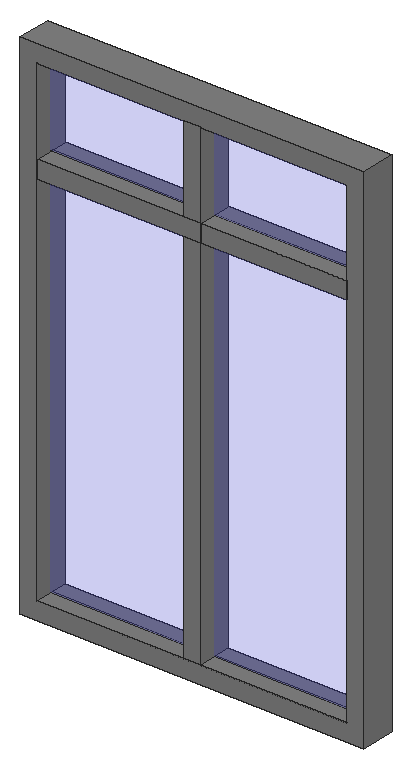
Revit family "window", category Windows, host Wall, Revit 2015
Parameters
  transom height = 1150 mm
  Website (Personal) = "http://revit.sg"
  JOIN ME! - Revit.SG = "http://revit.sg/signup_form.html"
  Height = 1500 mm
  Default Sill Height = 800 mm
  Wall Closure = By host
  Width = 1000 mm
  Creator = "Gary Lim"  # constant formula
Reference planes
  plane 1 "Center (Front/Back)": y = 0
  plane 2 "Center (Left/Right)": x = 0
  plane 3 "Left": x = -500
  plane 4 "Right": x = 500
  plane 5 "Sill": z = 800
  plane 6 "Head": z = 2300
  plane 7 "Exterior": y = 100
  plane 8 "Interior": y = -100
  plane 9 "mullion left": x = 25
  plane 10 "mullion right": x = -25
  plane 11 "transom top": z = 2000
  plane 12 "transom bottom": z = 1950
  plane 13 "Glass Panel": y = 50
Forms (mm)
  Sweep 1, solid, material "Aluminium"
    path origin (0, 100, 0) x (1, 0, 0) y (0, 0, 1)
      loop
        line (500, 2300) -> (-500, 2300) -> (-500, 800) -> (500, 800) -> (500, 2300)
    profile origin (0, 100, 2300) x (0, 0, -1) y (0, -1, 0)
      loop
        line (0, 0) -> (50, 0) -> (50, 100) -> (0, 100) -> (0, 0)
  Extrusion 2, solid, material "Aluminium"
    sketch origin (0, 100, 0) x (1, 0, 0) y (0, 0, 1)
      loop
        line (25, 2250) -> (-25, 2250) -> (-25, 850) -> (25, 850) -> (25, 2250)
    from 0 to 100
  Extrusion 3, solid, material "Aluminium"
    sketch origin (0, 100, 0) x (1, 0, 0) y (0, 0, 1)
      loop
        line (450, 2000) -> (-450, 2000) -> (-450, 1950) -> (450, 1950) -> (450, 2000)
    from 0 to 100
  Extrusion 4, solid, material "Glass"
    sketch origin (0, 50, 0) x (-1, 0, 0) y (0, 0, 1)
      loop
        line (-450, 2250) -> (-450, 2000) -> (-25, 2000) -> (-25, 2250) -> (-450, 2250)
    from -3 to 3
  Extrusion 5, solid, material "Glass"
    sketch origin (0, 50, 0) x (1, 0, 0) y (0, 0, -1)
      loop
        line (-450, -2250) -> (-25, -2250) -> (-25, -2000) -> (-450, -2000) -> (-450, -2250)
    from -3 to 3
  Extrusion 6, solid, material "Glass"
    sketch origin (0, 50, 0) x (-1, 0, 0) y (0, 0, 1)
      loop
        line (-450, 1950) -> (-450, 850) -> (-25, 850) -> (-25, 1950) -> (-450, 1950)
    from -3 to 3
  Extrusion 7, solid, material "Glass"
    sketch origin (0, 50, 0) x (1, 0, 0) y (0, 0, -1)
      loop
        line (-450, -1950) -> (-25, -1950) -> (-25, -850) -> (-450, -850) -> (-450, -1950)
    from -3 to 3
Lines and regions (mm)
  Opening 1
    outline origin (3500, -100, 0) x (1, 0, 0) y (0, 0, 1)
      loop
        line (-3000, 800) -> (-3000, 2300) -> (-4000, 2300) -> (-4000, 800) -> (-3000, 800)
  symbolic lines, style "Elevation Swing"
    curve 1: line (450, 50, 2250) -> (25, 50, 2000)
    curve 2: line (450, 50, 2000) -> (25, 50, 2250)
    curve 3: line (-25, 50, 2250) -> (-450, 50, 2000)
    curve 4: line (-25, 50, 2000) -> (-450, 50, 2250)
    curve 5: line (-25, 50, 1950) -> (-450, 50, 850)
    curve 6: line (-25, 50, 850) -> (-450, 50, 1950)
    curve 7: line (450, 50, 1950) -> (25, 50, 850)
    curve 8: line (450, 50, 850) -> (25, 50, 1950)
Text (mm)
  text "EXTERIOR" at (-1963.203, 1332.353, 0), in view "Ref. Level"
  text "INTERIOR" at (-1981.466, -818.386, 0), in view "Ref. Level"
  text "Exterior" at (0, 923.751, 2943.296), in view "Right"
  text "Exterior" at (0, 1040.484, 2685.409), in view "Left"
Dimensions and locks
  equal spacing: plane 3 "Left", plane 2 "Center (Left/Right)", plane 4 "Right"
  "Width": plane 3 "Left" to plane 4 "Right"
  "Height": plane 5 "Sill" to plane 6 "Head"
  "Default Sill Height": plane 5 "Sill" to level
  locked: plane 7 "Exterior" to host wall at 0
  locked: plane 8 "Interior" to host wall
  locked: plane 12 "transom bottom" to plane 11 "transom top" at 50
  "transom height": plane 5 "Sill" to plane 12 "transom bottom"
  aligned and locked: Sweep 1 sketch curve to host wall  (x6)
  aligned and locked: Extrusion 2 sketch curve to Sweep 1  (x2)
  aligned and locked: Extrusion 2 sketch curve to plane 9 "mullion left"
  aligned and locked: plane 10 "mullion right" to Extrusion 2 sketch curve
  aligned and locked: plane 11 "transom top" to Extrusion 3 sketch curve
  aligned and locked: Extrusion 3 sketch curve to Sweep 1  (x2)
  aligned and locked: Extrusion 3 sketch curve to plane 12 "transom bottom"
  aligned and locked: Extrusion 4 sketch curve to Sweep 1
  aligned and locked: Sweep 1 to Extrusion 4 sketch curve
  aligned and locked: plane 11 "transom top" to Extrusion 4 sketch curve
  aligned and locked: Extrusion 4 sketch curve to plane 9 "mullion left"
  aligned and locked: Extrusion 6 sketch curve to Extrusion 3  (x2)
  aligned and locked: Extrusion 6 sketch curve to Extrusion 2
  aligned and locked: Extrusion 2 to Extrusion 6 sketch curve
Automatic sketch dimensions
  plane 3 "Left" to Opening 1 sketch curve = 0 mm
  plane 4 "Right" to Opening 1 sketch curve = 0 mm
  Opening 1 sketch curve to plane 5 "Sill" = 0 mm
  Opening 1 sketch curve to plane 6 "Head" = 0 mm
  Sweep 1 sketch curve to profile plane = 50 mm
  plane 7 "Exterior" to Sweep 1 sketch curve = 100 mm
  Extrusion 5 sketch curve to plane 11 "transom top" = 0 mm
  plane 10 "mullion right" to Extrusion 5 sketch curve = 0 mm
  plane 3 "Left" to Extrusion 5 sketch curve = 50 mm
  Extrusion 5 sketch curve to plane 6 "Head" = 50 mm
  Extrusion 7 sketch curve to plane 12 "transom bottom" = 0 mm
  plane 10 "mullion right" to Extrusion 7 sketch curve = 0 mm
  plane 3 "Left" to Extrusion 7 sketch curve = 50 mm
  plane 5 "Sill" to Extrusion 7 sketch curve = 50 mm
  curve 7 to plane 12 "transom bottom" = 0 mm
  curve 2 to plane 11 "transom top" = 0 mm
  plane 9 "mullion left" to curve 7 = 0 mm
  plane 9 "mullion left" to curve 2 = 0 mm
  plane 9 "mullion left" to curve 1 = 0 mm
  plane 9 "mullion left" to curve 8 = 0 mm
  plane 10 "mullion right" to curve 3 = 0 mm
  plane 10 "mullion right" to curve 6 = 0 mm
  plane 10 "mullion right" to curve 4 = 0 mm
  plane 10 "mullion right" to curve 5 = 0 mm
  curve 3 to plane 11 "transom top" = 0 mm
  curve 6 to plane 12 "transom bottom" = 0 mm
  curve 5 to plane 12 "transom bottom" = 0 mm
  curve 8 to plane 12 "transom bottom" = 0 mm
  curve 4 to plane 11 "transom top" = 0 mm
  curve 1 to plane 11 "transom top" = 0 mm
  plane 4 "Right" to curve 1 = 50 mm
  plane 4 "Right" to curve 8 = 50 mm
  plane 4 "Right" to curve 2 = 50 mm
  curve 7 to curve 2 = 0 mm
  curve 3 to plane 3 "Left" = 50 mm
  curve 6 to curve 3 = 0 mm
  curve 5 to plane 3 "Left" = 50 mm
  curve 4 to plane 3 "Left" = 50 mm
  curve 5 to plane 5 "Sill" = 50 mm
  curve 6 to plane 5 "Sill" = 50 mm
  curve 7 to plane 5 "Sill" = 50 mm
  curve 8 to plane 5 "Sill" = 50 mm
  plane 6 "Head" to curve 2 = 50 mm
  curve 3 to curve 2 = 0 mm
  plane 6 "Head" to curve 1 = 50 mm
  plane 6 "Head" to curve 4 = 50 mm
